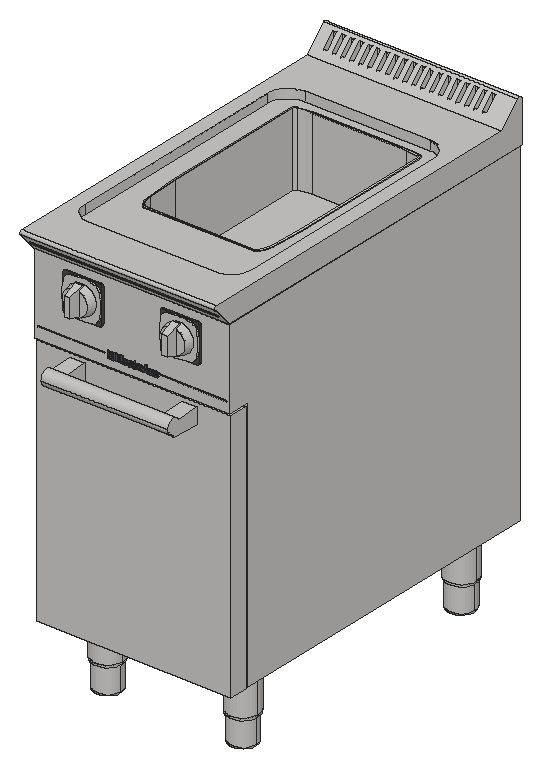
Revit family "QF_ELECTROLUXPROFESSIONAL_169123_ACPG25", category Specialty Equipment, Revit 2018
Family settings
  Round Connector Dimension = Use Diameter
  Part Type = Normal
  Work Plane-Based = No
  Always vertical = Yes
  Cut with Voids When Loaded = No
  Shared = No
  Room Calculation Point = No
Parameters
  Weight in Pounds = 84
  Watts = 0 W
  Waste Water Discharge Temperature [instance] = -459.67 °F
  URL Cutsheet = "www.electroluxusa.com/professional"
  URL = "www.electroluxusa.com/professional"
  Type Mark [instance] = ""
  Status [instance] = ""
  Specification by User [instance] = ""
  Specification by Manufacturer = ""
  Show Logo [instance] = yes
  Show Legs [instance] = yes
  Show Clearance [instance] = yes
  Serial Number = ""
  Seismic Rating = ""
  SMACNA No = ""
  Revision Code [instance] = ""
  Plumbing Remarks = ""
  Plumbing Connection Type = ""
  Omniclass Number and Title = ""
  NAFEM Spec ID Number = ""
  Model = "169123"
  Mechanical Remarks = ""
  Mechanical Connection Type = ""
  Masterspec = ""
  Manufacturer = "ELECTROLUX"
  Item Number [instance] = ""
  Installed By [instance] = ""
  Indirect Waste Size = 2"
  Indirect Waste Flow [instance] = 0 GPM
  Indirect Waste Connection Type = ""
  Indirect Waste Connection Height = 0"
  Identify Quantity as Lot [instance] = yes
  HP = "0 HP"
  Gas Size = 3/4"
  Gas RI Height [instance] = 0"
  Gas KW = 12.5
  Gas Input = 42500.0 Btu/h
  Gas Connection Height = 0"
  Furnished By [instance] = ""
  Foodservice Equipment Identifier [instance] = yes
  Direct Waste Size = 1"
  Description = "1WELL GAS PASTACOOK6, 5GAL/25L 16\" - US - AUS"
  Cold Water Temperature Recommended [instance] = -459.67 °F
  Cold Water Size = 1/2"
  Cold Water RI Height [instance] = 0"
  Cold Water Minimum Pressure = 0.00 psi
  Cold Water Maximum Pressure = 0.00 psi
  Cold Water Flow [instance] = 0 GPM
  Cold Water Consumption = ""
  Cold Water Connection Height = 0"
  CSI MasterFormat = ""
  CSI Master Format = ""
  Base Height [instance] = if(Show Legs, 5 7/8", 0")  # 5 7/8"
Reference planes (in)
  plane 1 "BACK": y = 0
  plane 2: z = 0
  plane 3 "LEFT": x = 0
  plane 4 "RIGHT": x = 16
  plane 5 "FRONT": y = -32.82759
  plane 6 "TOP": z = 37.09209
  plane 7 "Center Y": x = 8
  plane 8 "Center X": y = -16.41379
  plane 9: x = 16
  plane 10: y = -31.5
  plane 11 "Base Height": z = 5.875
  plane 12: z = 35.375
  plane 13: y = -3.125
  plane 14: y = -25.5625
  plane 15: y = -29.8125
  plane 16: z = 15.75
  plane 17: x = 4
  plane 18: x = 12
  plane 19: y = -44.8125
  plane 20: x = 12
  plane 21: y = 0.6875
  plane 22: x = 1.18621
  plane 23: x = 14.81379
Forms (in)
  Extrusion 1, solid, material "QF_Finishes_Stainless Steel"
    sketch origin (0, 0, 0) x (0, 1, 0) y (0, 0, 1)
      loop
        line (-1.98462, 35.375) -> (-31.2966, 35.375)
        arc (-31.2966, 35.375) -> (-31.47812, 35.25825) -> (-31.44715, 35.04466) r 0.19947
        line (-31.44715, 35.04466) -> (-30.08513, 33.47784) -> (0, 33.47784) -> (0, 36.90294)
        arc (0, 36.90294) -> (-0.11677, 37.0777) -> (-0.32292, 37.03669) r 0.18916
        line (-0.32292, 37.03669) -> (-1.98462, 35.375)
      loop
        line (-29.95074, 33.39903) -> (-29.95074, 26.81774) -> (-28.09852, 26.81774) -> (-28.09852, 5.875) -> (-0.15764, 5.875) -> (-0.15764, 33.39903) -> (-29.95074, 33.39903)
      loop
        line (-29.8125, 26.6207) -> (-29.8125, 5.875) -> (-28.29247, 5.875) -> (-28.29247, 26.6207) -> (-29.8125, 26.6207)
    from 0 to 16
  Extrusion 2, solid, material "QF_Finishes_Stainless Steel"
    sketch origin (0, 0, 0) x (0, 1, 0) y (0, 0, 1)
      loop
        arc (-32.06893, 26.17471) -> (-32.20187, 26.11373) -> (-32.25616, 25.97791) r 0.19704
        line (-32.25616, 25.97791) -> (-32.25616, 25.29304)
        arc (-32.25616, 25.29304) -> (-32.20204, 25.1574) -> (-32.06943, 25.09626) r 0.19704
        line (-32.06943, 25.09626) -> (-29.8125, 24.97799) -> (-29.8125, 26.29296) -> (-32.06893, 26.17471)
    from 2.79796 to 3.99871
  Extrusion 3, solid, material "QF_Finishes_Stainless Steel"
    sketch origin (0, 0, 0) x (0, 1, 0) y (0, 0, 1)
      loop
        circle (-32.23646, 25.91133) r 0.59113
    from 2.79796 to 13.20204
  Extrusion 4, solid, material "QF_Finishes_Stainless Steel"
    sketch origin (16, 0, 0) x (0, 1, 0) y (0, 0, -1)
      loop
        line (-32.06893, -26.17471) -> (-29.8125, -26.29296) -> (-29.8125, -24.97799) -> (-32.06943, -25.09626)
        arc (-32.06943, -25.09626) -> (-32.20204, -25.1574) -> (-32.25616, -25.29304) r 0.19704
        line (-32.25616, -25.29304) -> (-32.25616, -25.97791)
        arc (-32.25616, -25.97791) -> (-32.20187, -26.11373) -> (-32.06893, -26.17471) r 0.19704
    from 2.79796 to 3.99871
  Extrusion 5, solid, material "QF_Finishes_Black"
    sketch origin (0, -29.95074, 33.39903) x (0, 0, -1) y (1, 0, 0)
      loop
        arc (0.64672, 5.38089) -> (0.59114, 4) -> (0.64672, 2.61911) r 17.18227
        arc (0.64672, 2.61911) -> (0.7144, 2.47001) -> (0.86273, 2.40063) r 0.23645
        arc (0.86273, 2.40063) -> (2.24631, 2.34483) -> (3.62988, 2.40062) r 17.18227
        arc (3.62988, 2.40062) -> (3.77727, 2.46905) -> (3.84569, 2.61644) r 0.23645
        arc (3.84569, 2.61644) -> (3.90149, 4) -> (3.84569, 5.38355) r 17.18227
        arc (3.84569, 5.38355) -> (3.77699, 5.53122) -> (3.6291, 5.59944) r 0.23645
        arc (3.6291, 5.59944) -> (2.24631, 5.65517) -> (0.86352, 5.59944) r 17.18227
        arc (0.86352, 5.59944) -> (0.71468, 5.53028) -> (0.64672, 5.38089) r 0.23645
    from 0 to 0.125
  Extrusion 6, solid, material "QF_Finishes_Stainless Steel"
    sketch origin (0, -30.07574, 33.39903) x (0, 0, -1) y (1, 0, 0)
      loop
        arc (1.33499, 5.48596) -> (0.96501, 5.28235) -> (0.76068, 4.91277) r 0.76059
        arc (0.76068, 4.91277) -> (0.65813, 4.00063) -> (0.7604, 3.08846) r 4.11363
        arc (0.7604, 3.08846) -> (0.96456, 2.71809) -> (1.33499, 2.51403) r 0.76059
        arc (1.33499, 2.51403) -> (2.24631, 2.41181) -> (3.15763, 2.51403) r 4.11363
        arc (3.15763, 2.51403) -> (3.52815, 2.71818) -> (3.73228, 3.08871) r 0.76059
        arc (3.73228, 3.08871) -> (3.83449, 4.00076) -> (3.73195, 4.91277) r 4.11363
        arc (3.73195, 4.91277) -> (3.52761, 5.28235) -> (3.15763, 5.48596) r 0.76059
        arc (3.15763, 5.48596) -> (2.24631, 5.58818) -> (1.33499, 5.48596) r 4.11363
    from 0 to 0.125
  Blend 7, solid, material "QF_Finishes_Stainless Steel"
    base sketch origin (0, -30.20074, 33.39903) x (0, 0, -1) y (1, 0, 0)
      loop
        circle (2.24631, 4) r 1.18227
    top sketch origin (0, -30.20074, 33.39903) x (0, 0, -1) y (1, 0, 0)
      loop
        circle (2.24631, 4) r 1.02932
    from 0 to 0.63689
  Blend 8, solid, material "QF_Finishes_Stainless Steel"
    base sketch origin (0, -30.07574, 33.39903) x (0, 0, -1) y (1, 0, 0)
      loop
        line (1.03553, 3.72605) -> (3.32629, 3.72605) -> (3.32629, 4.27435) -> (1.03553, 4.27435) -> (1.03553, 3.72605)
    top sketch origin (0, -30.07574, 33.39903) x (0, 0, -1) y (1, 0, 0)
      loop
        line (1.46138, 3.78066) -> (2.96967, 3.78066) -> (2.96967, 4.21934) -> (1.46138, 4.21934) -> (1.46138, 3.78066)
    from 0.34791 to 1.56995
  Extrusion 9, solid, material "QF_Finishes_Black"
    sketch origin (16, -29.95074, 33.39903) x (0, 0, -1) y (1, 0, 0)
      loop
        arc (0.64672, -5.38089) -> (0.71468, -5.53028) -> (0.86352, -5.59944) r 0.23645
        arc (0.86352, -5.59944) -> (2.24631, -5.65517) -> (3.6291, -5.59944) r 17.18227
        arc (3.6291, -5.59944) -> (3.77699, -5.53122) -> (3.84569, -5.38355) r 0.23645
        arc (3.84569, -5.38355) -> (3.90149, -4) -> (3.84569, -2.61644) r 17.18227
        arc (3.84569, -2.61644) -> (3.77727, -2.46905) -> (3.62988, -2.40062) r 0.23645
        arc (3.62988, -2.40062) -> (2.24631, -2.34483) -> (0.86273, -2.40063) r 17.18227
        arc (0.86273, -2.40063) -> (0.7144, -2.47001) -> (0.64672, -2.61911) r 0.23645
        arc (0.64672, -2.61911) -> (0.59114, -4) -> (0.64672, -5.38089) r 17.18227
    from 0 to 0.125
  Extrusion 10, solid, material "QF_Finishes_Stainless Steel"
    sketch origin (16, -30.07574, 33.39903) x (0, 0, -1) y (1, 0, 0)
      loop
        arc (1.33499, -5.48596) -> (2.24631, -5.58818) -> (3.15763, -5.48596) r 4.11363
        arc (3.15763, -5.48596) -> (3.52761, -5.28235) -> (3.73195, -4.91277) r 0.76059
        arc (3.73195, -4.91277) -> (3.83449, -4.00076) -> (3.73228, -3.08871) r 4.11363
        arc (3.73228, -3.08871) -> (3.52815, -2.71818) -> (3.15763, -2.51403) r 0.76059
        arc (3.15763, -2.51403) -> (2.24631, -2.41181) -> (1.33499, -2.51403) r 4.11363
        arc (1.33499, -2.51403) -> (0.96456, -2.71809) -> (0.7604, -3.08846) r 0.76059
        arc (0.7604, -3.08846) -> (0.65813, -4.00063) -> (0.76068, -4.91277) r 4.11363
        arc (0.76068, -4.91277) -> (0.96501, -5.28235) -> (1.33499, -5.48596) r 0.76059
    from 0 to 0.125
  Blend 11, solid, material "QF_Finishes_Stainless Steel"
    base sketch origin (16, -30.20074, 33.39903) x (0, 0, -1) y (1, 0, 0)
      loop
        circle (2.24631, -4) r 1.18227
    top sketch origin (16, -30.20074, 33.39903) x (0, 0, -1) y (1, 0, 0)
      loop
        circle (2.24631, -4) r 1.02932
    from 0 to 0.63689
  Blend 12, solid, material "QF_Finishes_Stainless Steel"
    base sketch origin (16, -30.07574, 33.39903) x (0, 0, -1) y (1, 0, 0)
      loop
        line (1.03553, -3.72605) -> (1.03553, -4.27435) -> (3.32629, -4.27435) -> (3.32629, -3.72605) -> (1.03553, -3.72605)
    top sketch origin (16, -30.07574, 33.39903) x (0, 0, -1) y (1, 0, 0)
      loop
        line (1.46138, -3.78066) -> (1.46138, -4.21934) -> (2.96967, -4.21934) -> (2.96967, -3.78066) -> (1.46138, -3.78066)
    from 0.34791 to 1.56995
  Extrusion 13, void
    sketch origin (-5.45134, -180, 35.375) x (0, -1, 0) y (-1, 0, 0)
      loop
        line (-172.40084, -20.33229) -> (-153.78635, -20.33229)
        spline (-153.78635, -20.33229) -> (-153.55329, -20.31757) -> (-153.32586, -20.27365) -> (-153.10763, -20.20122) -> (-152.90201, -20.10141) -> (-152.71223, -19.97579) -> (-152.54127, -19.82632) -> (-152.39181, -19.65536) -> (-152.26619, -19.46558) -> (-152.16638, -19.25996) -> (-152.09395, -19.04173) -> (-152.05003, -18.8143) -> (-152.03531, -18.58125)
        line (-152.03531, -18.58125) -> (-152.03531, -8.32144)
        spline (-152.03531, -8.32144) -> (-152.05003, -8.08838) -> (-152.09395, -7.86095) -> (-152.16638, -7.64271) -> (-152.26619, -7.4371) -> (-152.39181, -7.24732) -> (-152.54128, -7.07636) -> (-152.71224, -6.92689) -> (-152.90202, -6.80127) -> (-153.10764, -6.70146) -> (-153.32587, -6.62903) -> (-153.5533, -6.58511) -> (-153.78635, -6.5704)
        line (-153.78635, -6.5704) -> (-172.40209, -6.5704)
        spline (-172.40209, -6.5704) -> (-172.63514, -6.58527) -> (-172.86254, -6.62935) -> (-173.08073, -6.70194) -> (-173.28629, -6.8019) -> (-173.47598, -6.92767) -> (-173.64684, -7.07728) -> (-173.79618, -7.24837) -> (-173.92167, -7.43826) -> (-174.02132, -7.64398) -> (-174.09359, -7.86229) -> (-174.13734, -8.08978) -> (-174.15188, -8.32287)
        line (-174.15188, -8.32287) -> (-174.15188, -18.58231)
        spline (-174.15188, -18.58231) -> (-174.13704, -18.81526) -> (-174.09302, -19.04257) -> (-174.02052, -19.26069) -> (-173.92066, -19.46618) -> (-173.79502, -19.65584) -> (-173.64555, -19.82669) -> (-173.47461, -19.97605) -> (-173.28488, -20.10158) -> (-173.07932, -20.20132) -> (-172.86115, -20.27369) -> (-172.63381, -20.31758) -> (-172.40084, -20.33229)
    from 0 to 0.75
  Extrusion 14, void
    sketch origin (-5.45134, -180, 34.625) x (1, 0, 0) y (0, -1, 0)
      loop
        arc (8.15738, -172.88888) -> (8.23817, -173.12755) -> (8.44732, -173.26806) r 0.39291
        arc (8.44732, -173.26806) -> (9.01127, -173.38172) -> (9.5853, -173.41983) r 4.34228
        line (9.5853, -173.41983) -> (17.31738, -173.41983)
        arc (17.31738, -173.41983) -> (17.89141, -173.38172) -> (18.45536, -173.26806) r 4.34228
        arc (18.45536, -173.26806) -> (18.66451, -173.12755) -> (18.7453, -172.88888) r 0.39291
        line (18.7453, -172.88888) -> (18.7453, -160.81519)
        arc (18.7453, -160.81519) -> (18.73387, -159.42115) -> (18.59952, -158.03354) r 15.79106
        arc (18.59952, -158.03354) -> (18.47936, -157.53936) -> (18.26541, -157.07797) r 2.60306
        arc (18.26541, -157.07797) -> (18.11022, -156.92474) -> (17.89944, -156.86874) r 0.42467
        line (17.89944, -156.86874) -> (9.00324, -156.86874)
        arc (9.00324, -156.86874) -> (8.79246, -156.92474) -> (8.63727, -157.07797) r 0.42467
        arc (8.63727, -157.07797) -> (8.42332, -157.53936) -> (8.30316, -158.03354) r 2.60306
        arc (8.30316, -158.03354) -> (8.16882, -159.42115) -> (8.15738, -160.81519) r 15.79106
        line (8.15738, -160.81519) -> (8.15738, -172.88888)
    from 0 to 6
  Extrusion 15, solid, material "QF_Finishes_Stainless Steel"
    sketch origin (-5.45134, -180, 28.625) x (1, 0, 0) y (0, 1, 0)
      loop
        arc (9.5853, 173.41983) -> (9.01127, 173.38172) -> (8.44732, 173.26806) r 4.34228
        arc (8.44732, 173.26806) -> (8.23817, 173.12755) -> (8.15738, 172.88888) r 0.39291
        line (8.15738, 172.88888) -> (8.15738, 160.81519)
        arc (8.15738, 160.81519) -> (8.16882, 159.42115) -> (8.30316, 158.03354) r 15.79106
        arc (8.30316, 158.03354) -> (8.42332, 157.53936) -> (8.63727, 157.07797) r 2.60306
        arc (8.63727, 157.07797) -> (8.79246, 156.92474) -> (9.00324, 156.86874) r 0.42467
        line (9.00324, 156.86874) -> (17.89944, 156.86874)
        arc (17.89944, 156.86874) -> (18.11022, 156.92474) -> (18.26541, 157.07797) r 0.42467
        arc (18.26541, 157.07797) -> (18.47936, 157.53936) -> (18.59952, 158.03354) r 2.60306
        arc (18.59952, 158.03354) -> (18.73387, 159.42115) -> (18.7453, 160.81519) r 15.79106
        line (18.7453, 160.81519) -> (18.7453, 172.88888)
        arc (18.7453, 172.88888) -> (18.66451, 173.12755) -> (18.45536, 173.26806) r 0.39291
        arc (18.45536, 173.26806) -> (17.89141, 173.38172) -> (17.31738, 173.41983) r 4.34228
        line (17.31738, 173.41983) -> (9.5853, 173.41983)
      loop
        arc (9.5853, 173.29483) -> (9.02779, 173.25782) -> (8.48008, 173.14743) r 4.21728
        arc (8.48008, 173.14743) -> (8.33747, 173.05162) -> (8.28238, 172.88888) r 0.26791
        line (8.28238, 172.88888) -> (8.28238, 160.81294)
        arc (8.28238, 160.81294) -> (8.29359, 159.42881) -> (8.42692, 158.05107) r 15.66606
        arc (8.42692, 158.05107) -> (8.54131, 157.58062) -> (8.74499, 157.14139) r 2.47806
        arc (8.74499, 157.14139) -> (8.8545, 157.03326) -> (9.00324, 156.99374) r 0.29967
        line (9.00324, 156.99374) -> (17.89944, 156.99374)
        arc (17.89944, 156.99374) -> (18.04818, 157.03326) -> (18.15769, 157.14139) r 0.29967
        arc (18.15769, 157.14139) -> (18.36137, 157.58062) -> (18.47576, 158.05107) r 2.47806
        arc (18.47576, 158.05107) -> (18.6091, 159.42881) -> (18.6203, 160.81294) r 15.66606
        line (18.6203, 160.81294) -> (18.6203, 172.88888)
        arc (18.6203, 172.88888) -> (18.56522, 173.05162) -> (18.4226, 173.14743) r 0.26791
        arc (18.4226, 173.14743) -> (17.87489, 173.25782) -> (17.31738, 173.29483) r 4.21728
        line (17.31738, 173.29483) -> (9.5853, 173.29483)
    from 0 to 6
  Extrusion 16, void
    sketch origin (-5.45134, -180, 35.375) x (0, -1, 0) y (-1, 0, 0)
      loop
        line (-179.46566, -19.47903) -> (-179.46566, -19.80218) -> (-178.49034, -19.80218) -> (-178.49034, -19.47903) -> (-179.46566, -19.47903)
    from 0 to -2
  Extrusion 17, solid, material "QF_Finishes_Stainless Steel"
    sketch origin (0, 0, 0) x (1, 0, 0) y (0, 0, 1)
      loop
        circle (4, 15.75) r 0.5
      loop
        circle (12, 15.75) r 0.5
    from -0.6875 to 0.15764
  Extrusion 18, solid, material "QF_Clearances", visible <- "Show Clearance", detail levels coarse
    sketch origin (0, 0, 0) x (1, 0, 0) y (0, 1, 0)
      loop
        line (0, 0) -> (16, 0) -> (16, -32.82759) -> (20, -32.82759) -> (20, 6) -> (-4, 6) -> (-4, -32.82759) -> (0, -32.82759) -> (0, 0)
    from 0 to 37.09209
  Extrusion 19, solid, material "QF_Finishes_Navy Blue", visible <- "Show Logo"
    sketch origin (-0.125, -29.95074, 33.24278) x (0, 0, -1) y (1, 0, 0)
      loop
        line (5.26537, 6.45861) -> (5.75224, 6.45861)
        arc (5.75224, 6.45861) -> (5.5088, 6.63858) -> (5.26537, 6.45861) r 0.25462
      loop
        arc (5.26537, 6.43385) -> (5.31139, 6.23137) -> (5.49469, 6.13382) r 0.24953
        line (5.49469, 6.13382) -> (5.49469, 6.21436)
        arc (5.49469, 6.21436) -> (5.43628, 6.35826) -> (5.30062, 6.43385) r 0.23389
        line (5.30062, 6.43385) -> (5.26537, 6.43385)
      loop
        arc (5.71698, 6.43385) -> (5.58132, 6.35826) -> (5.52291, 6.21436) r 0.23389
        line (5.52291, 6.21436) -> (5.52291, 6.13382)
        arc (5.52291, 6.13382) -> (5.70773, 6.23121) -> (5.75849, 6.43385) r 0.25606
        line (5.75849, 6.43385) -> (5.71698, 6.43385)
      loop
        line (5.2388, 6.11533) -> (5.77991, 6.11533) -> (5.77991, 6.65718) -> (5.2388, 6.65718) -> (5.2388, 6.11533)
      loop
        arc (5.2355, 6.77402) -> (5.24919, 6.75994) -> (5.26364, 6.77324) r 0.01408
        arc (5.26364, 6.77324) -> (5.27601, 6.80279) -> (5.30423, 6.81793) r 0.04788
        line (5.30423, 6.81793) -> (5.71418, 6.81793)
        arc (5.71418, 6.81793) -> (5.74016, 6.80701) -> (5.75575, 6.78352) r 0.04874
        arc (5.75575, 6.78352) -> (5.77129, 6.77365) -> (5.78332, 6.78759) r 0.01408
        line (5.78332, 6.78759) -> (5.78332, 7.17652) -> (5.67502, 7.17652) -> (5.67502, 7.14119)
        arc (5.67502, 7.14119) -> (5.71081, 7.11837) -> (5.72874, 7.07989) r 0.07589
        line (5.72874, 7.07989) -> (5.72874, 6.9815)
        arc (5.72874, 6.9815) -> (5.71789, 6.95282) -> (5.69078, 6.93848) r 0.04336
        line (5.69078, 6.93848) -> (5.5299, 6.93848) -> (5.5299, 7.08311)
        arc (5.5299, 7.08311) -> (5.54378, 7.10268) -> (5.56604, 7.11165) r 0.04262
        arc (5.56604, 7.11165) -> (5.57641, 7.12367) -> (5.56491, 7.13462) r 0.01151
        line (5.56491, 7.13462) -> (5.44829, 7.13462)
        arc (5.44829, 7.13462) -> (5.43637, 7.12389) -> (5.44576, 7.1109) r 0.01199
        arc (5.44576, 7.1109) -> (5.46507, 7.10112) -> (5.47708, 7.08311) r 0.04262
        line (5.47708, 7.08311) -> (5.47708, 6.93848) -> (5.29294, 6.93848) -> (5.29294, 7.08602)
        arc (5.29294, 7.08602) -> (5.30137, 7.11576) -> (5.32526, 7.13539) r 0.05174
        arc (5.32526, 7.13539) -> (5.33388, 7.15129) -> (5.31992, 7.1628) r 0.01422
        line (5.31992, 7.1628) -> (5.2355, 7.1628) -> (5.2355, 6.77402)
      loop
        arc (5.26374, 7.19353) -> (5.27872, 7.22969) -> (5.31489, 7.24467) r 0.05114
        line (5.31489, 7.24467) -> (5.69201, 7.24467)
        arc (5.69201, 7.24467) -> (5.725, 7.22979) -> (5.73569, 7.19522) r 0.04402
        line (5.73569, 7.19522) -> (5.78332, 7.19522) -> (5.78332, 7.40584) -> (5.73653, 7.40584)
        arc (5.73653, 7.40584) -> (5.72584, 7.36975) -> (5.69159, 7.35414) r 0.04538
        line (5.69159, 7.35414) -> (5.2163, 7.35414) -> (5.26374, 7.19353)
      loop
        line (5.58785, 7.50964) -> (5.58785, 7.76347) -> (5.55639, 7.76347)
        arc (5.55639, 7.76347) -> (5.4548, 7.7247) -> (5.40486, 7.62811) r 0.15251
        line (5.40486, 7.62811) -> (5.40486, 7.55879)
        arc (5.40486, 7.55879) -> (5.45157, 7.44601) -> (5.56434, 7.3993) r 0.15949
        line (5.56434, 7.3993) -> (5.64341, 7.3993)
        arc (5.64341, 7.3993) -> (5.75437, 7.45776) -> (5.79577, 7.57615) r 0.17133
        arc (5.79577, 7.57615) -> (5.78143, 7.67313) -> (5.72719, 7.7548) r 0.22494
        line (5.72719, 7.7548) -> (5.68983, 7.7548)
        arc (5.68983, 7.7548) -> (5.71868, 7.69302) -> (5.72719, 7.62538) r 0.21966
        arc (5.72719, 7.62538) -> (5.69594, 7.54809) -> (5.62196, 7.50964) r 0.12037
        line (5.62196, 7.50964) -> (5.58785, 7.50964)
      loop
        line (5.53827, 7.50964) -> (5.53827, 7.65067)
        arc (5.53827, 7.65067) -> (5.48092, 7.65252) -> (5.44616, 7.60686) r 0.06259
        line (5.44616, 7.60686) -> (5.44616, 7.57421)
        arc (5.44616, 7.57421) -> (5.48019, 7.52477) -> (5.53827, 7.50964) r 0.08599
      loop
        arc (5.4284, 8.13424) -> (5.40915, 8.06833) -> (5.40295, 7.99995) r 0.35523
        line (5.40295, 7.99995) -> (5.40295, 7.9463)
        arc (5.40295, 7.9463) -> (5.4486, 7.83609) -> (5.55882, 7.79044) r 0.15587
        line (5.55882, 7.79044) -> (5.66119, 7.79044)
        arc (5.66119, 7.79044) -> (5.75102, 7.84133) -> (5.79501, 7.93474) r 0.17051
        line (5.79501, 7.93474) -> (5.79501, 8.01881)
        arc (5.79501, 8.01881) -> (5.775, 8.07983) -> (5.73872, 8.13281) r 0.22724
        arc (5.73872, 8.13281) -> (5.70873, 8.13481) -> (5.70532, 8.10495) r 0.02177
        arc (5.70532, 8.10495) -> (5.72059, 8.07605) -> (5.72587, 8.0438) r 0.10128
        line (5.72587, 8.0438) -> (5.72587, 7.98415)
        arc (5.72587, 7.98415) -> (5.68626, 7.91953) -> (5.61482, 7.89423) r 0.11353
        line (5.61482, 7.89423) -> (5.56447, 7.89423)
        arc (5.56447, 7.89423) -> (5.49277, 7.91628) -> (5.4563, 7.98182) r 0.10054
        line (5.4563, 7.98182) -> (5.4563, 8.0233)
        arc (5.4563, 8.0233) -> (5.46935, 8.05984) -> (5.49522, 8.08876) r 0.10096
        arc (5.49522, 8.08876) -> (5.50394, 8.11699) -> (5.47995, 8.13424) r 0.0253
        line (5.47995, 8.13424) -> (5.4284, 8.13424)
      loop
        line (5.46848, 8.14488) -> (5.46848, 8.20397) -> (5.70659, 8.20397)
        arc (5.70659, 8.20397) -> (5.76912, 8.22987) -> (5.79501, 8.29239) r 0.08842
        line (5.79501, 8.29239) -> (5.79501, 8.35474)
        arc (5.79501, 8.35474) -> (5.78265, 8.38878) -> (5.76294, 8.41916) r 0.15985
        arc (5.76294, 8.41916) -> (5.73411, 8.42439) -> (5.72422, 8.3968) r 0.02267
        arc (5.72422, 8.3968) -> (5.72839, 8.3761) -> (5.72587, 8.35514) r 0.06652
        arc (5.72587, 8.35514) -> (5.70455, 8.32412) -> (5.66886, 8.31218) r 0.0593
        line (5.66886, 8.31218) -> (5.46658, 8.31218) -> (5.46658, 8.40656) -> (5.44467, 8.42846) -> (5.41233, 8.42846) -> (5.41233, 8.31587) -> (5.28512, 8.31587) -> (5.46848, 8.14488)
      loop
        line (5.78644, 8.46379) -> (5.78644, 8.67587) -> (5.74274, 8.67587)
        arc (5.74274, 8.67587) -> (5.72724, 8.63843) -> (5.6898, 8.62292) r 0.05295
        line (5.6898, 8.62292) -> (5.54743, 8.62292)
        arc (5.54743, 8.62292) -> (5.51733, 8.64623) -> (5.50593, 8.68255) r 0.06358
        line (5.50593, 8.68255) -> (5.50593, 8.7438) -> (5.4053, 8.77076) -> (5.4053, 8.71632) -> (5.48179, 8.61556) -> (5.40776, 8.61556) -> (5.41896, 8.50904)
        arc (5.41896, 8.50904) -> (5.43626, 8.48816) -> (5.4622, 8.49608) r 0.02447
        arc (5.4622, 8.49608) -> (5.47796, 8.50955) -> (5.49741, 8.51674) r 0.05909
        line (5.49741, 8.51674) -> (5.6898, 8.51674)
        arc (5.6898, 8.51674) -> (5.72724, 8.50124) -> (5.74274, 8.46379) r 0.05295
        line (5.74274, 8.46379) -> (5.78644, 8.46379)
      loop
        line (5.54622, 8.75254) -> (5.65221, 8.75254)
        arc (5.65221, 8.75254) -> (5.74849, 8.80403) -> (5.79313, 8.90366) r 0.16883
        arc (5.79313, 8.90366) -> (5.79563, 8.958) -> (5.79313, 9.01234) r 0.59143
        arc (5.79313, 9.01234) -> (5.74849, 9.11198) -> (5.65221, 9.16346) r 0.16883
        line (5.65221, 9.16346) -> (5.54622, 9.16346)
        arc (5.54622, 9.16346) -> (5.44994, 9.11198) -> (5.4053, 9.01234) r 0.16883
        arc (5.4053, 9.01234) -> (5.4028, 8.958) -> (5.4053, 8.90366) r 0.59143
        arc (5.4053, 8.90366) -> (5.44994, 8.80403) -> (5.54622, 8.75254) r 0.16883
      loop
        line (5.53816, 8.87515) -> (5.66027, 8.87515)
        arc (5.66027, 8.87515) -> (5.74519, 8.96007) -> (5.66027, 9.04499) r 0.08492
        line (5.66027, 9.04499) -> (5.53816, 9.04499)
        arc (5.53816, 9.04499) -> (5.45324, 8.96007) -> (5.53816, 8.87515) r 0.08492
      loop
        arc (5.26332, 9.15787) -> (5.2779, 9.19307) -> (5.3131, 9.20765) r 0.04978
        line (5.3131, 9.20765) -> (5.70147, 9.20765)
        arc (5.70147, 9.20765) -> (5.73572, 9.19204) -> (5.74641, 9.15595) r 0.04538
        line (5.74641, 9.15595) -> (5.78332, 9.15595) -> (5.78332, 9.35708) -> (5.74678, 9.35708)
        arc (5.74678, 9.35708) -> (5.73263, 9.32666) -> (5.70147, 9.31427) r 0.04538
        line (5.70147, 9.31427) -> (5.2163, 9.31427) -> (5.26332, 9.15787)
      loop
        arc (5.45544, 9.33886) -> (5.46328, 9.38076) -> (5.50144, 9.39976) r 0.04782
        line (5.50144, 9.39976) -> (5.69907, 9.39976)
        arc (5.69907, 9.39976) -> (5.76264, 9.42523) -> (5.79101, 9.48756) r 0.09204
        line (5.79101, 9.48756) -> (5.79101, 9.54717)
        arc (5.79101, 9.54717) -> (5.78415, 9.5867) -> (5.76437, 9.6216) r 0.11727
        line (5.76437, 9.6216) -> (5.78332, 9.69233) -> (5.78332, 9.75882) -> (5.41223, 9.75882) -> (5.42381, 9.59333) -> (5.45477, 9.59333)
        arc (5.45477, 9.59333) -> (5.46877, 9.62623) -> (5.49839, 9.64627) r 0.06318
        line (5.49839, 9.64627) -> (5.69929, 9.64627)
        arc (5.69929, 9.64627) -> (5.71584, 9.60939) -> (5.7187, 9.56907) r 0.11574
        arc (5.7187, 9.56907) -> (5.69662, 9.52573) -> (5.65121, 9.5083) r 0.06786
        line (5.65121, 9.5083) -> (5.40726, 9.5083) -> (5.45544, 9.33886)
      loop
        line (5.41496, 9.79241) -> (5.4808, 9.87297) -> (5.60575, 9.96375) -> (5.74183, 9.84123)
        arc (5.74183, 9.84123) -> (5.75116, 9.82574) -> (5.75028, 9.80766) r 0.03107
        line (5.75028, 9.80766) -> (5.78332, 9.80766) -> (5.78332, 9.94724) -> (5.75079, 9.94724)
        arc (5.75079, 9.94724) -> (5.73731, 9.93297) -> (5.71802, 9.93659) r 0.02048
        line (5.71802, 9.93659) -> (5.64716, 9.99451) -> (5.73056, 10.04866)
        arc (5.73056, 10.04866) -> (5.74635, 10.03646) -> (5.74976, 10.0168) r 0.02757
        line (5.74976, 10.0168) -> (5.78332, 10.0168) -> (5.78332, 10.25015) -> (5.74841, 10.25015)
        arc (5.74841, 10.25015) -> (5.74577, 10.22421) -> (5.73022, 10.20327) r 0.0491
        line (5.73022, 10.20327) -> (5.56489, 10.0741) -> (5.46854, 10.15494) -> (5.41496, 10.22353) -> (5.41496, 10.07693) -> (5.47343, 10.09355) -> (5.53332, 10.04329) -> (5.46639, 9.99643) -> (5.41496, 10.02701) -> (5.41496, 9.79241)
    from 0 to 0.06471
  Extrusion 20, void
    sketch origin (0, -29.95074, 33.39903) x (0, 0, 1) y (1, 0, 0)
      loop
        line (-5.6022, 5.81545) -> (-5.74607, 5.81545) -> (-5.74607, 0.21865) -> (-5.6022, 0.21865) -> (-5.6022, 5.81545)
      loop
        line (-5.6022, 10.18455) -> (-5.6022, 15.78135) -> (-5.74607, 15.78135) -> (-5.74607, 10.18455) -> (-5.6022, 10.18455)
    from 0 to 0.125
  Extrusion 21, void
    sketch origin (0, 0, 0) x (0, 1, 0) y (0, 0, 1)
      loop
        line (-31.01779, 34.55075) -> (-30.46032, 33.90944) -> (-30.38598, 33.97406) -> (-30.94346, 34.61537) -> (-31.01779, 34.55075)
    from 0.125 to 15.875
  Revolve 22, solid, material "QF_Finishes_Stainless Steel", visible <- "Show Legs"
    sketch origin (0, -25.5625, 33.39903) x (0, 0, -1) y (1, 0, 0)
      loop
        line (33.39903, 2.44335) -> (27.52403, 2.44335) -> (27.52403, 1.18621) -> (31.08047, 1.18621) -> (31.25124, 1.21773) -> (31.25124, 1.32808) -> (33.32176, 1.32808)
        arc (33.32176, 1.32808) -> (33.3764, 1.35071) -> (33.39903, 1.40534) r 0.07726
        line (33.39903, 1.40534) -> (33.39903, 2.44335)
      axis (33.39903, 2.44335) -> (27.52403, 2.44335)
    angle from 0 to 360
  Revolve 23, solid, material "QF_Finishes_Stainless Steel", visible <- "Show Legs"
    sketch origin (16, -25.5625, 33.39903) x (0, 0, -1) y (1, 0, 0)
      loop
        line (33.39903, -2.44335) -> (33.39903, -1.40534)
        arc (33.39903, -1.40534) -> (33.3764, -1.35071) -> (33.32176, -1.32808) r 0.07726
        line (33.32176, -1.32808) -> (31.25124, -1.32808) -> (31.25124, -1.21773) -> (31.08047, -1.18621) -> (27.52403, -1.18621) -> (27.52403, -2.44335) -> (33.39903, -2.44335)
      axis (33.39903, -2.44335) -> (27.52403, -2.44335)
    angle from 0 to 360
  Revolve 24, solid, material "QF_Finishes_Stainless Steel", visible <- "Show Legs"
    sketch origin (0, -3.125, 33.39903) x (0, 0, -1) y (-1, 0, 0)
      loop
        line (33.39903, -2.44335) -> (33.39903, -1.40534)
        arc (33.39903, -1.40534) -> (33.3764, -1.35071) -> (33.32176, -1.32808) r 0.07726
        line (33.32176, -1.32808) -> (31.25124, -1.32808) -> (31.25124, -1.21773) -> (31.08047, -1.18621) -> (27.52403, -1.18621) -> (27.52403, -2.44335) -> (33.39903, -2.44335)
      axis (33.39903, -2.44335) -> (27.52403, -2.44335)
    angle from 0 to 360
  Revolve 25, solid, material "QF_Finishes_Stainless Steel", visible <- "Show Legs"
    sketch origin (16, -3.125, 33.39903) x (0, 0, -1) y (-1, 0, 0)
      loop
        line (33.39903, 2.44335) -> (27.52403, 2.44335) -> (27.52403, 1.18621) -> (31.08047, 1.18621) -> (31.25124, 1.21773) -> (31.25124, 1.32808) -> (33.32176, 1.32808)
        arc (33.32176, 1.32808) -> (33.3764, 1.35071) -> (33.39903, 1.40534) r 0.07726
        line (33.39903, 1.40534) -> (33.39903, 2.44335)
      axis (33.39903, 2.44335) -> (27.52403, 2.44335)
    angle from 0 to 360
  Extrusion 26, solid, material "QF_Door-Drawer Clearances", visible <- "Show Clearance", detail levels coarse
    sketch origin (-240, 2.61063, 5.875) x (0, 1, 0) y (-1, 0, 0)
      loop
        line (-32.42313, -256) -> (-32.42313, -240) -> (-47.42395, -240)
        arc (-47.42395, -240) -> (-43.11928, -250.99617) -> (-32.42313, -256) r 15.91625
    from 0 to 20.7457
  Extrusion 27, void
    sketch origin (-18.53716, -180, 35.375) x (0, -1, 0) y (-1, 0, 0)
      loop
        line (-179.46566, -19.47903) -> (-179.46566, -19.80218) -> (-178.49034, -19.80218) -> (-178.49034, -19.47903) -> (-179.46566, -19.47903)
    from 0 to -2
  Extrusion 28, void
    sketch origin (-6.17833, -180, 35.375) x (0, -1, 0) y (-1, 0, 0)
      loop
        line (-179.46566, -19.47903) -> (-179.46566, -19.80218) -> (-178.49034, -19.80218) -> (-178.49034, -19.47903) -> (-179.46566, -19.47903)
    from 0 to -2
  Extrusion 29, void
    sketch origin (-6.90532, -180, 35.375) x (0, -1, 0) y (-1, 0, 0)
      loop
        line (-179.46566, -19.47903) -> (-179.46566, -19.80218) -> (-178.49034, -19.80218) -> (-178.49034, -19.47903) -> (-179.46566, -19.47903)
    from 0 to -2
  Extrusion 30, void
    sketch origin (-7.63231, -180, 35.375) x (0, -1, 0) y (-1, 0, 0)
      loop
        line (-179.46566, -19.47903) -> (-179.46566, -19.80218) -> (-178.49034, -19.80218) -> (-178.49034, -19.47903) -> (-179.46566, -19.47903)
    from 0 to -2
  Extrusion 31, void
    sketch origin (-8.3593, -180, 35.375) x (0, -1, 0) y (-1, 0, 0)
      loop
        line (-179.46566, -19.47903) -> (-179.46566, -19.80218) -> (-178.49034, -19.80218) -> (-178.49034, -19.47903) -> (-179.46566, -19.47903)
    from 0 to -2
  Extrusion 32, void
    sketch origin (-9.08629, -180, 35.375) x (0, -1, 0) y (-1, 0, 0)
      loop
        line (-179.46566, -19.47903) -> (-179.46566, -19.80218) -> (-178.49034, -19.80218) -> (-178.49034, -19.47903) -> (-179.46566, -19.47903)
    from 0 to -2
  Extrusion 33, void
    sketch origin (-9.81328, -180, 35.375) x (0, -1, 0) y (-1, 0, 0)
      loop
        line (-179.46566, -19.47903) -> (-179.46566, -19.80218) -> (-178.49034, -19.80218) -> (-178.49034, -19.47903) -> (-179.46566, -19.47903)
    from 0 to -2
  Extrusion 34, void
    sketch origin (-10.54027, -180, 35.375) x (0, -1, 0) y (-1, 0, 0)
      loop
        line (-179.46566, -19.47903) -> (-179.46566, -19.80218) -> (-178.49034, -19.80218) -> (-178.49034, -19.47903) -> (-179.46566, -19.47903)
    from 0 to -2
  Extrusion 35, void
    sketch origin (-11.26726, -180, 35.375) x (0, -1, 0) y (-1, 0, 0)
      loop
        line (-179.46566, -19.47903) -> (-179.46566, -19.80218) -> (-178.49034, -19.80218) -> (-178.49034, -19.47903) -> (-179.46566, -19.47903)
    from 0 to -2
  Extrusion 36, void
    sketch origin (-11.99425, -180, 35.375) x (0, -1, 0) y (-1, 0, 0)
      loop
        line (-179.46566, -19.47903) -> (-179.46566, -19.80218) -> (-178.49034, -19.80218) -> (-178.49034, -19.47903) -> (-179.46566, -19.47903)
    from 0 to -2
  Extrusion 37, void
    sketch origin (-12.72124, -180, 35.375) x (0, -1, 0) y (-1, 0, 0)
      loop
        line (-179.46566, -19.47903) -> (-179.46566, -19.80218) -> (-178.49034, -19.80218) -> (-178.49034, -19.47903) -> (-179.46566, -19.47903)
    from 0 to -2
  Extrusion 38, void
    sketch origin (-13.44823, -180, 35.375) x (0, -1, 0) y (-1, 0, 0)
      loop
        line (-179.46566, -19.47903) -> (-179.46566, -19.80218) -> (-178.49034, -19.80218) -> (-178.49034, -19.47903) -> (-179.46566, -19.47903)
    from 0 to -2
  Extrusion 39, void
    sketch origin (-14.17522, -180, 35.375) x (0, -1, 0) y (-1, 0, 0)
      loop
        line (-179.46566, -19.47903) -> (-179.46566, -19.80218) -> (-178.49034, -19.80218) -> (-178.49034, -19.47903) -> (-179.46566, -19.47903)
    from 0 to -2
  Extrusion 40, void
    sketch origin (-14.90221, -180, 35.375) x (0, -1, 0) y (-1, 0, 0)
      loop
        line (-179.46566, -19.47903) -> (-179.46566, -19.80218) -> (-178.49034, -19.80218) -> (-178.49034, -19.47903) -> (-179.46566, -19.47903)
    from 0 to -2
  Extrusion 41, void
    sketch origin (-15.6292, -180, 35.375) x (0, -1, 0) y (-1, 0, 0)
      loop
        line (-179.46566, -19.47903) -> (-179.46566, -19.80218) -> (-178.49034, -19.80218) -> (-178.49034, -19.47903) -> (-179.46566, -19.47903)
    from 0 to -2
  Extrusion 42, void
    sketch origin (-16.35619, -180, 35.375) x (0, -1, 0) y (-1, 0, 0)
      loop
        line (-179.46566, -19.47903) -> (-179.46566, -19.80218) -> (-178.49034, -19.80218) -> (-178.49034, -19.47903) -> (-179.46566, -19.47903)
    from 0 to -2
  Extrusion 43, void
    sketch origin (-17.08318, -180, 35.375) x (0, -1, 0) y (-1, 0, 0)
      loop
        line (-179.46566, -19.47903) -> (-179.46566, -19.80218) -> (-178.49034, -19.80218) -> (-178.49034, -19.47903) -> (-179.46566, -19.47903)
    from 0 to -2
  Extrusion 44, void
    sketch origin (-17.81017, -180, 35.375) x (0, -1, 0) y (-1, 0, 0)
      loop
        line (-179.46566, -19.47903) -> (-179.46566, -19.80218) -> (-178.49034, -19.80218) -> (-178.49034, -19.47903) -> (-179.46566, -19.47903)
    from 0 to -2
Cuts and joins
  joined: Extrusion 2, Extrusion 3, Extrusion 4
  joined: Blend 7, Blend 8
  Extrusion 13, Extrusion 14, Extrusion 16, Extrusion 20, Extrusion 21, Extrusion 27, Extrusion 28, Extrusion 29, Extrusion 30, Extrusion 31, Extrusion 32, Extrusion 33, Extrusion 34, Extrusion 35, Extrusion 36, Extrusion 37, Extrusion 38, Extrusion 39, Extrusion 40, Extrusion 41, Extrusion 42, Extrusion 43, Extrusion 44 cuts Extrusion 1
  joined: Blend 11, Blend 12
  Extrusion 21 cuts Extrusion 18
Lines and regions (in)
  symbolic lines
    curve 1: line (0, 0, 0) -> (16, 0, 0)
    curve 2: line (0, -31.49608, 0) -> (0, 0, 0)
    curve 3: line (16, -31.49608, 0) -> (0, -31.49608, 0)
    curve 4: line (16, 0, 0) -> (16, -31.49608, 0)
    curve 5: line (2.79796, -32.82759, 0) -> (13.20204, -32.82759, 0)
    curve 6: line (13.20204, -32.82759, 0) -> (13.20204, -31.49608, 0)
    curve 7: line (2.79796, -32.82759, 0) -> (2.79796, -31.49608, 0)
    curve 8: line (3.99871, -31.49608, 0) -> (3.99871, -31.64533, 0)
    curve 9: line (3.99871, -31.64533, 0) -> (12.00129, -31.64533, 0)
    curve 10: line (12.00129, -31.64533, 0) -> (12.00129, -31.49608, 0)
    curve 11: line (1.11906, -26.21365, 0) -> (1.11906, -7.59791, 0)
    curve 12: spline (1.11906, -7.59791, 0) -> (1.13393, -7.36486, 0) -> (1.17801, -7.13746, 0) -> (1.2506, -6.91927, 0) -> (1.35056, -6.71371, 0) -> (1.47633, -6.52402, 0) -> (1.62594, -6.35316, 0) -> (1.79703, -6.20382, 0) -> (1.98692, -6.07833, 0) -> (2.19264, -5.97868, 0) -> (2.41095, -5.90641, 0) -> (2.63844, -5.86266, 0) -> (2.87153, -5.84812, 0)
    curve 13: line (2.87153, -5.84812, 0) -> (13.13097, -5.84812, 0)
    curve 14: spline (13.13097, -5.84812, 0) -> (13.36392, -5.86296, 0) -> (13.59123, -5.90698, 0) -> (13.80935, -5.97948, 0) -> (14.01484, -6.07934, 0) -> (14.2045, -6.20498, 0) -> (14.37535, -6.35445, 0) -> (14.52471, -6.52539, 0) -> (14.65024, -6.71512, 0) -> (14.74998, -6.92068, 0) -> (14.82235, -7.13885, 0) -> (14.86624, -7.36619, 0) -> (14.88094, -7.59916, 0)
    curve 15: line (14.88094, -7.59916, 0) -> (14.88094, -26.21365, 0)
    curve 16: spline (14.88094, -26.21365, 0) -> (14.86623, -26.44671, 0) -> (14.82231, -26.67413, 0) -> (14.74988, -26.89237, 0) -> (14.65007, -27.09799, 0) -> (14.52445, -27.28777, 0) -> (14.37498, -27.45873, 0) -> (14.20402, -27.60819, 0) -> (14.01424, -27.73381, 0) -> (13.80862, -27.83362, 0) -> (13.59039, -27.90605, 0) -> (13.36296, -27.94997, 0) -> (13.12991, -27.96469, 0)
    curve 17: line (13.12991, -27.96469, 0) -> (2.87009, -27.96469, 0)
    curve 18: spline (2.87009, -27.96469, 0) -> (2.63703, -27.94997, 0) -> (2.40961, -27.90605, 0) -> (2.19137, -27.83362, 0) -> (1.98575, -27.73381, 0) -> (1.79598, -27.60819, 0) -> (1.62502, -27.45873, 0) -> (1.47555, -27.28776, 0) -> (1.34993, -27.09799, 0) -> (1.25012, -26.89237, 0) -> (1.17769, -26.67413, 0) -> (1.13377, -26.44671, 0) -> (1.11906, -26.21365, 0)
    curve 19: arc (2.70604, -19.18481, 0) -> (2.71747, -20.57885, 0) -> (2.85182, -21.96646, 0) r 15.79106
    curve 20: arc (2.85182, -21.96646, 0) -> (2.97198, -22.46064, 0) -> (3.18593, -22.92203, 0) r 2.60306
    curve 21: arc (3.18593, -22.92203, 0) -> (3.34112, -23.07526, 0) -> (3.5519, -23.13126, 0) r 0.42467
    curve 22: line (3.5519, -23.13126, 0) -> (12.4481, -23.13126, 0)
    curve 23: arc (12.4481, -23.13126, 0) -> (12.65888, -23.07526, 0) -> (12.81407, -22.92203, 0) r 0.42467
    curve 24: arc (12.81407, -22.92203, 0) -> (13.02802, -22.46064, 0) -> (13.14818, -21.96646, 0) r 2.60306
    curve 25: arc (13.14818, -21.96646, 0) -> (13.28253, -20.57885, 0) -> (13.29396, -19.18481, 0) r 15.79106
    curve 26: line (13.29396, -19.18481, 0) -> (13.29396, -7.11112, 0)
    curve 27: arc (13.29396, -7.11112, 0) -> (13.21317, -6.87245, 0) -> (13.00402, -6.73194, 0) r 0.39291
    curve 28: arc (13.00402, -6.73194, 0) -> (12.44007, -6.61828, 0) -> (11.86604, -6.58017, 0) r 4.34228
    curve 29: line (11.86604, -6.58017, 0) -> (4.13396, -6.58017, 0)
    curve 30: arc (4.13396, -6.58017, 0) -> (3.55993, -6.61828, 0) -> (2.99598, -6.73194, 0) r 4.34228
    curve 31: arc (2.99598, -6.73194, 0) -> (2.78683, -6.87245, 0) -> (2.70604, -7.11112, 0) r 0.39291
    curve 32: line (2.70604, -7.11112, 0) -> (2.70604, -19.18481, 0)
    curve 33: arc (3.02874, -6.85257, 0) -> (3.57645, -6.74218, 0) -> (4.13396, -6.70517, 0) r 4.21728
    curve 34: line (4.13396, -6.70517, 0) -> (11.86604, -6.70517, 0)
    curve 35: arc (11.86604, -6.70517, 0) -> (12.42355, -6.74218, 0) -> (12.97126, -6.85257, 0) r 4.21728
    curve 36: arc (12.97126, -6.85257, 0) -> (13.11387, -6.94838, 0) -> (13.16896, -7.11112, 0) r 0.26791
    curve 37: line (13.16896, -7.11112, 0) -> (13.16896, -19.18706, 0)
    curve 38: arc (13.16896, -19.18706, 0) -> (13.15776, -20.57119, 0) -> (13.02442, -21.94893, 0) r 15.66606
    curve 39: arc (13.02442, -21.94893, 0) -> (12.91003, -22.41938, 0) -> (12.70635, -22.85861, 0) r 2.47806
    curve 40: arc (12.70635, -22.85861, 0) -> (12.59684, -22.96674, 0) -> (12.4481, -23.00626, 0) r 0.29967
    curve 41: line (12.4481, -23.00626, 0) -> (3.5519, -23.00626, 0)
    curve 42: arc (3.5519, -23.00626, 0) -> (3.40316, -22.96674, 0) -> (3.29365, -22.85861, 0) r 0.29967
    curve 43: arc (3.29365, -22.85861, 0) -> (3.08997, -22.41938, 0) -> (2.97558, -21.94893, 0) r 2.47806
    curve 44: arc (2.97558, -21.94893, 0) -> (2.84224, -20.57119, 0) -> (2.83104, -19.18706, 0) r 15.66606
    curve 45: line (2.83104, -19.18706, 0) -> (2.83104, -7.11112, 0)
    curve 46: arc (2.83104, -7.11112, 0) -> (2.88613, -6.94838, 0) -> (3.02874, -6.85257, 0) r 0.26791
    curve 47: line (0.94187, -0.53434, 0) -> (1.26502, -0.53434, 0)
    curve 48: line (0.94187, -1.50966, 0) -> (0.94187, -0.53434, 0)
    curve 49: line (1.26502, -1.50966, 0) -> (0.94187, -1.50966, 0)
    curve 50: line (1.26502, -0.53434, 0) -> (1.26502, -1.50966, 0)
    curve 51: line (1.66886, -0.53434, 0) -> (1.99201, -0.53434, 0)
    curve 52: line (1.66886, -1.50966, 0) -> (1.66886, -0.53434, 0)
    curve 53: line (1.99201, -1.50966, 0) -> (1.66886, -1.50966, 0)
    curve 54: line (1.99201, -0.53434, 0) -> (1.99201, -1.50966, 0)
    curve 55: line (2.39585, -0.53434, 0) -> (2.719, -0.53434, 0)
    curve 56: line (2.39585, -1.50966, 0) -> (2.39585, -0.53434, 0)
    curve 57: line (2.719, -1.50966, 0) -> (2.39585, -1.50966, 0)
    curve 58: line (2.719, -0.53434, 0) -> (2.719, -1.50966, 0)
    curve 59: line (3.12284, -0.53434, 0) -> (3.44599, -0.53434, 0)
    curve 60: line (3.12284, -1.50966, 0) -> (3.12284, -0.53434, 0)
    curve 61: line (3.44599, -1.50966, 0) -> (3.12284, -1.50966, 0)
    curve 62: line (3.44599, -0.53434, 0) -> (3.44599, -1.50966, 0)
    curve 63: line (3.84983, -0.53434, 0) -> (4.17298, -0.53434, 0)
    curve 64: line (3.84983, -1.50966, 0) -> (3.84983, -0.53434, 0)
    curve 65: line (4.17298, -1.50966, 0) -> (3.84983, -1.50966, 0)
    curve 66: line (4.17298, -0.53434, 0) -> (4.17298, -1.50966, 0)
    curve 67: line (4.57682, -0.53434, 0) -> (4.89997, -0.53434, 0)
    curve 68: line (4.57682, -1.50966, 0) -> (4.57682, -0.53434, 0)
    curve 69: line (4.89997, -1.50966, 0) -> (4.57682, -1.50966, 0)
    curve 70: line (4.89997, -0.53434, 0) -> (4.89997, -1.50966, 0)
    curve 71: line (5.30381, -0.53434, 0) -> (5.62696, -0.53434, 0)
    curve 72: line (5.30381, -1.50966, 0) -> (5.30381, -0.53434, 0)
    curve 73: line (5.62696, -1.50966, 0) -> (5.30381, -1.50966, 0)
    curve 74: line (5.62696, -0.53434, 0) -> (5.62696, -1.50966, 0)
    curve 75: line (6.0308, -0.53434, 0) -> (6.35395, -0.53434, 0)
    curve 76: line (6.0308, -1.50966, 0) -> (6.0308, -0.53434, 0)
    curve 77: line (6.35395, -1.50966, 0) -> (6.0308, -1.50966, 0)
    curve 78: line (6.35395, -0.53434, 0) -> (6.35395, -1.50966, 0)
    curve 79: line (6.75779, -0.53434, 0) -> (7.08094, -0.53434, 0)
    curve 80: line (6.75779, -1.50966, 0) -> (6.75779, -0.53434, 0)
    curve 81: line (7.08094, -1.50966, 0) -> (6.75779, -1.50966, 0)
    curve 82: line (7.08094, -0.53434, 0) -> (7.08094, -1.50966, 0)
    curve 83: line (7.48478, -0.53434, 0) -> (7.80793, -0.53434, 0)
    curve 84: line (7.48478, -1.50966, 0) -> (7.48478, -0.53434, 0)
    curve 85: line (7.80793, -1.50966, 0) -> (7.48478, -1.50966, 0)
    curve 86: line (7.80793, -0.53434, 0) -> (7.80793, -1.50966, 0)
    curve 87: line (8.21177, -0.53434, 0) -> (8.53492, -0.53434, 0)
    curve 88: line (8.21177, -1.50966, 0) -> (8.21177, -0.53434, 0)
    curve 89: line (8.53492, -1.50966, 0) -> (8.21177, -1.50966, 0)
    curve 90: line (8.53492, -0.53434, 0) -> (8.53492, -1.50966, 0)
    curve 91: line (8.93876, -0.53434, 0) -> (9.26191, -0.53434, 0)
    curve 92: line (8.93876, -1.50966, 0) -> (8.93876, -0.53434, 0)
    curve 93: line (9.26191, -1.50966, 0) -> (8.93876, -1.50966, 0)
    curve 94: line (9.26191, -0.53434, 0) -> (9.26191, -1.50966, 0)
    curve 95: line (9.66575, -0.53434, 0) -> (9.9889, -0.53434, 0)
    curve 96: line (9.66575, -1.50966, 0) -> (9.66575, -0.53434, 0)
    curve 97: line (9.9889, -1.50966, 0) -> (9.66575, -1.50966, 0)
    curve 98: line (9.9889, -0.53434, 0) -> (9.9889, -1.50966, 0)
    curve 99: line (10.39274, -0.53434, 0) -> (10.71589, -0.53434, 0)
    curve 100: line (10.39274, -1.50966, 0) -> (10.39274, -0.53434, 0)
    curve 101: line (10.71589, -1.50966, 0) -> (10.39274, -1.50966, 0)
    curve 102: line (10.71589, -0.53434, 0) -> (10.71589, -1.50966, 0)
    curve 103: line (11.11973, -0.53434, 0) -> (11.44288, -0.53434, 0)
    curve 104: line (11.11973, -1.50966, 0) -> (11.11973, -0.53434, 0)
    curve 105: line (11.44288, -1.50966, 0) -> (11.11973, -1.50966, 0)
    curve 106: line (11.44288, -0.53434, 0) -> (11.44288, -1.50966, 0)
    curve 107: line (11.84672, -0.53434, 0) -> (12.16987, -0.53434, 0)
    curve 108: line (11.84672, -1.50966, 0) -> (11.84672, -0.53434, 0)
    curve 109: line (12.16987, -1.50966, 0) -> (11.84672, -1.50966, 0)
    curve 110: line (12.16987, -0.53434, 0) -> (12.16987, -1.50966, 0)
    curve 111: line (12.57371, -0.53434, 0) -> (12.89686, -0.53434, 0)
    curve 112: line (12.57371, -1.50966, 0) -> (12.57371, -0.53434, 0)
    curve 113: line (12.89686, -1.50966, 0) -> (12.57371, -1.50966, 0)
    curve 114: line (12.89686, -0.53434, 0) -> (12.89686, -1.50966, 0)
    curve 115: line (13.3007, -0.53434, 0) -> (13.62385, -0.53434, 0)
    curve 116: line (13.3007, -1.50966, 0) -> (13.3007, -0.53434, 0)
    curve 117: line (13.62385, -1.50966, 0) -> (13.3007, -1.50966, 0)
    curve 118: line (13.62385, -0.53434, 0) -> (13.62385, -1.50966, 0)
    curve 119: line (14.02769, -0.53434, 0) -> (14.35084, -0.53434, 0)
    curve 120: line (14.02769, -1.50966, 0) -> (14.02769, -0.53434, 0)
    curve 121: line (14.35084, -1.50966, 0) -> (14.02769, -1.50966, 0)
    curve 122: line (14.35084, -0.53434, 0) -> (14.35084, -1.50966, 0)
    curve 123: line (0, -1.98462, 0) -> (16, -1.98462, 0)
  symbolic lines, style "QF_Door-Drawer Clearances"
    curve 124: arc (13.41363, -37.63487, 0) -> (14.93443, -34.69102, 0) -> (15.81276, -31.49608, 0) r 15.91625
    curve 125: line (5.17022, -32.82759, 0) -> (13.41363, -37.63487, 0)
  symbolic lines, style "QF_Clearances", visible <- "Show Clearance", detail levels coarse
    curve 126: line (-4, 6, 0) -> (-4, -32.82759, 0)
    curve 127: line (20, -32.82759, 0) -> (20, 6, 0)
    curve 128: line (20, 6, 0) -> (-4, 6, 0)
Dimensions and locks (in)
  equal spacing: plane 3 "LEFT", plane 7 "Center Y", plane 4 "RIGHT"
  plane 3 "LEFT" to plane 4 "RIGHT" = 16"
  equal spacing: plane 5 "FRONT", plane 8 "Center X", plane 1 "BACK"
  plane 5 "FRONT" to plane 1 "BACK" = 32.82759"
  plane 10 to plane 5 "FRONT" = 1.32759"
  plane 6 "TOP" to plane 12 to plane 11 "Base Height" = 1.71709" locked, 29 1/2" locked
  "Base Height": plane 11 "Base Height" to level
  plane 1 "BACK" to plane 13 = 3 1/8"
  plane 14 to plane 15 = 4 1/4"
  plane 13 to plane 14 = 22 7/16"
  plane 11 "Base Height" to level = 5 7/8"
  plane 3 "LEFT" to plane 17 = 4"
  plane 10 to plane 19 = 13 5/16"
  plane 20 to plane 4 "RIGHT" = 4"
  cut or joined group of Extrusion 18, Extrusion 21 to plane 1 "BACK" = 6"
  cut or joined group of Extrusion 18, Extrusion 21 to plane 3 "LEFT" = 4"
  plane 4 "RIGHT" to cut or joined group of Extrusion 18, Extrusion 21 = 4"
  plane 1 "BACK" to plane 10 = 31 1/2"
  Revolve 22 sketch curve to Revolve 22 sketch curve to Revolve 22 sketch curve to Revolve 22 sketch curve to Revolve 22 sketch curve to Revolve 22 sketch curve = 3.55644" locked, 0.17077" locked, 0" locked, 2.07052" locked, 0.07726" locked
  Revolve 23 sketch curve to Revolve 23 sketch curve to Revolve 23 sketch curve to Revolve 23 sketch curve to Revolve 23 sketch curve to Revolve 23 sketch curve = 3.55644" locked, 0.17077" locked, 0" locked, 2.07052" locked, 0.07726" locked
  Revolve 24 sketch curve to Revolve 24 sketch curve to Revolve 24 sketch curve to Revolve 24 sketch curve to Revolve 24 sketch curve to Revolve 24 sketch curve = 3.55644" locked, 0.17077" locked, 0" locked, 2.07052" locked, 0.07726" locked
  Revolve 25 sketch curve to Revolve 25 sketch curve to Revolve 25 sketch curve to Revolve 25 sketch curve to Revolve 25 sketch curve to Revolve 25 sketch curve = 3.55644" locked, 0.17077" locked, 0" locked, 2.07052" locked, 0.07726" locked
  plane 13 to plane 1 "BACK" = 3 1/8"
  plane 14 to plane 13 = 22 7/16"
  plane 15 to plane 14 = 4 1/4"
  locked: plane 22 to plane 3 "LEFT" at 1.18621
  locked: plane 23 to plane 9 at 1.18621
  plane 12 to Extrusion 4 sketch curve to Extrusion 4 sketch curve = 9 21/256" locked, 1.31498" locked
  plane 12 to Extrusion 2 sketch curve to Extrusion 2 sketch curve = 9 21/256" locked, 1.31498" locked
  locked: plane 12 to Extrusion 3 sketch curve at 9.46367
  locked: plane 16 to plane 11 "Base Height" at 9.875
  equal spacing: group 21, group 38, group 37, group 36, group 35, group 34, group 33, group 32, group 31, group 30, group 29, group 28, group 27, group 26, group 25, group 24, group 23, group 22, group 20
  equal spacing: group 20, group 22, group 23, group 24, group 25, group 26, group 27, group 28, group 29, group 30, group 31, group 32, group 33, group 34, group 35, group 36, group 37, group 38, group 21  (x2)
  aligned and locked: level to plane 2
  aligned and locked: plane 13 to Revolve 25
  aligned and locked: plane 13 to Revolve 24
  aligned and locked: plane 14 to Revolve 22
  aligned and locked: plane 14 to Revolve 23
  aligned and locked: plane 22 to Revolve 24
  aligned and locked: plane 22 to Revolve 22
  aligned and locked: Revolve 25 to plane 23
  aligned and locked: Revolve 23 to plane 23
  aligned and locked: plane 6 "TOP" to cut or joined group of Extrusion 18, Extrusion 21
  aligned and locked: Extrusion 1 to Extrusion 16
  aligned and locked: Extrusion 1 to Extrusion 27
Automatic sketch dimensions
  curve 48 to curve 49 = 0.32315"
  curve 48 to curve 48 = 0.97532"
  curve 52 to curve 53 = 0.32315"
  curve 52 to curve 52 = 0.97532"
  curve 56 to curve 57 = 0.32315"
  curve 56 to curve 56 = 0.97532"
  curve 60 to curve 61 = 0.32315"
  curve 60 to curve 60 = 0.97532"
  curve 64 to curve 65 = 0.32315"
  curve 64 to curve 64 = 0.97532"
  curve 68 to curve 69 = 0.32315"
  curve 68 to curve 68 = 0.97532"
  curve 72 to curve 73 = 0.32315"
  curve 72 to curve 72 = 0.97532"
  curve 76 to curve 77 = 0.32315"
  curve 76 to curve 76 = 0.97532"
  curve 80 to curve 81 = 0.32315"
  curve 80 to curve 80 = 0.97532"
  curve 84 to curve 85 = 0.32315"
  curve 84 to curve 84 = 0.97532"
  curve 88 to curve 89 = 0.32315"
  curve 88 to curve 88 = 0.97532"
  curve 92 to curve 93 = 0.32315"
  curve 92 to curve 92 = 0.97532"
  curve 96 to curve 97 = 0.32315"
  curve 96 to curve 96 = 0.97532"
  curve 100 to curve 101 = 0.32315"
  curve 100 to curve 100 = 0.97532"
  curve 104 to curve 105 = 0.32315"
  curve 104 to curve 104 = 0.97532"
  curve 108 to curve 109 = 0.32315"
  curve 108 to curve 108 = 0.97532"
  curve 112 to curve 113 = 0.32315"
  curve 112 to curve 112 = 0.97532"
  curve 116 to curve 117 = 0.32315"
  curve 116 to curve 116 = 0.97532"
  curve 120 to curve 121 = 0.32315"
  curve 120 to curve 120 = 0.97532"
  curve 19 to curve 44 = 0"  (x2)
  curve 20 to curve 43 = 0"  (x2)
  curve 21 to curve 42 = 0"  (x2)
  curve 23 to curve 40 = 0"  (x2)
  curve 24 to curve 39 = 0"  (x2)
  curve 25 to curve 38 = 0"  (x2)
  curve 27 to curve 36 = 0"  (x2)
  curve 28 to curve 35 = 0"  (x2)
  curve 30 to curve 33 = 0"  (x2)
  curve 31 to curve 46 = 0"  (x2)
  plane 5 "FRONT" to curve 126 = 0"
  curve 123 to plane 3 "LEFT" = 0"
  curve 1 to plane 4 "RIGHT" = 0"
  plane 5 "FRONT" to curve 127 = 0"
  curve 38 to plane 3 "LEFT" = 2.48689"
  curve 128 to plane 3 "LEFT" = 4"
  plane 3 "LEFT" to curve 124 = 0.11008"
  plane 14 to curve 18 = 0.65115"
  plane 3 "LEFT" to curve 18 = 1.11906"
  curve 19 to plane 17 = 1.29396"
  plane 5 "FRONT" to curve 7 = 0"
  curve 7 to plane 17 = 1.20204"
  curve 31 to curve 45 = 1/8"
  curve 19 to plane 17 = 1.14818"
  curve 20 to curve 19 = 0"
  curve 18 to plane 17 = 1.12991"
  curve 12 to plane 17 = 1.12847"
  curve 20 to curve 43 = 0.12377"
  curve 44 to curve 43 = 0"
  curve 46 to curve 12 = 0.16477"
  plane 14 to curve 18 = 0.52543"
  curve 18 to plane 17 = 1.00419"
  curve 46 to curve 31 = 0.16494"
  curve 30 to curve 31 = 0"
  curve 31 to curve 46 = 0.03276"
  curve 33 to curve 46 = 0"
  curve 21 to plane 17 = 0.81407"
  curve 20 to curve 21 = 0"
  curve 20 to curve 42 = 0.10772"
  curve 43 to curve 42 = 0"
  curve 42 to curve 41 = 0.25824"
  curve 8 to plane 17 = 0.00129"
  plane 17 to curve 34 = 0.13396"
  plane 17 to curve 12 = 0.3666"
  plane 17 to curve 18 = 0.36661"
  plane 17 to curve 125 = 1.17021"
  plane 18 to curve 24 = 1.42916"
  plane 18 to curve 28 = 0.13396"
  curve 9 to plane 18 = 0.00129"
  curve 40 to plane 18 = 0.4481"
  curve 40 to curve 40 = 0.25824"
  curve 39 to curve 40 = 0"
  curve 39 to curve 24 = 0.10772"
  curve 23 to curve 24 = 0"
  curve 27 to plane 18 = 0.90105"
  curve 27 to curve 36 = 0.07021"
  curve 35 to curve 36 = 0"
  curve 36 to curve 27 = 0.03276"
  curve 28 to curve 27 = 0"
  curve 16 to plane 18 = 1.00419"
  curve 27 to curve 14 = 0.10314"
  curve 23 to curve 39 = 0.57631"
  curve 38 to curve 39 = 0"
  curve 17 to plane 18 = 1.12991"
  curve 27 to curve 13 = 0.12695"
  curve 25 to curve 24 = 0"
  plane 10 to curve 6 = 1/256"
  curve 10 to curve 6 = 1.20075"
  curve 124 to plane 18 = 1.41363"
  curve 17 to curve 16 = 1.24508"
  curve 26 to curve 14 = 1.08102"
  plane 14 to curve 15 = 0.65115"
  plane 4 "RIGHT" to curve 15 = 1.11906"
  plane 4 "RIGHT" to curve 124 = 0.18724"
  curve 44 to plane 4 "RIGHT" = 2.48689"
  curve 128 to plane 4 "RIGHT" = 4"
  plane 5 "FRONT" to curve 125 = 4.80728"
  curve 9 to plane 10 = 0.14533"
  curve 22 to plane 14 = 2.43124"
  curve 22 to curve 40 = 1/8"
  plane 8 "Center X" to curve 28 = 5.49134"
  curve 30 to curve 12 = 1.82679"
  curve 14 to curve 27 = 0.61376"
  curve 14 to curve 14 = 1.24507"
  curve 123 to plane 13 = 1.14038"
  plane 1 "BACK" to curve 2 = 0"
  plane 21 to curve 127 = 5 5/16"
  Extrusion 1 sketch curve to plane 12 = 0"
  Extrusion 1 sketch curve to plane 15 = 0"
  Extrusion 1 sketch curve to plane 11 "Base Height" = 0"  (x2)
  plane 15 to Extrusion 1 sketch curve = 0.13824"
  Extrusion 1 sketch curve to Extrusion 1 sketch curve = 0.13439"
  plane 10 to Extrusion 1 sketch curve = 0.2034"
  plane 10 to Extrusion 1 sketch curve = 0.05285"
  Extrusion 1 sketch curve to plane 15 = 1.52003"
  Extrusion 1 sketch curve to Extrusion 1 sketch curve = 0.19394"
  Extrusion 1 sketch curve to plane 13 = 1.14038"
  Extrusion 1 sketch curve to plane 6 "TOP" = 0.0554"
  plane 1 "BACK" to Extrusion 1 sketch curve = 0.32292"
  Extrusion 1 sketch curve to Extrusion 1 sketch curve = 0.13376"
  plane 1 "BACK" to Extrusion 1 sketch curve = 0.15764"
  plane 1 "BACK" to Extrusion 1 sketch curve = 0"
